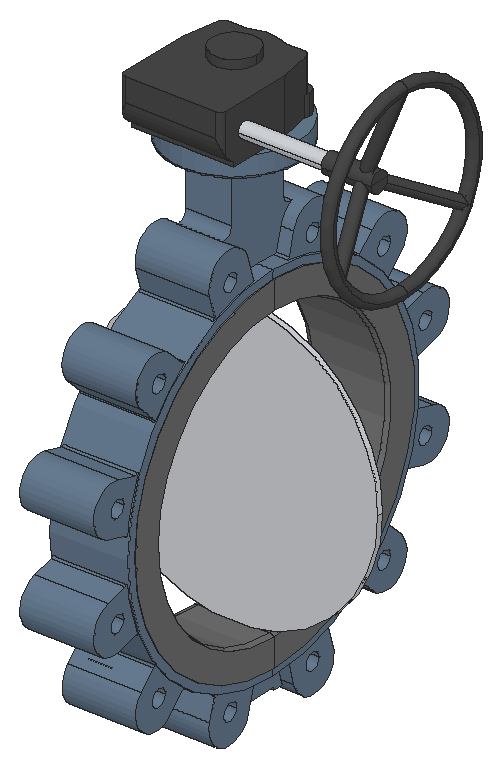
Revit family "Запорно-регулирующая заслонка с ручным редукторным приводом AF-4219", category Rohrzubehör, Revit 2018 (continued)
Dimensions and locks
  "D04": Revolve 6 sketch curve to plane 2  (x2)
  "D02": Revolve 6 sketch curve to plane 2  (x2)
  "L03": plane 3 "Mitte (Links/rechts)" to Revolve 6 sketch curve
  "L02": Revolve 6 sketch curve to plane 3 "Mitte (Links/rechts)"
  "L03": Revolve 6 sketch curve to plane 3 "Mitte (Links/rechts)"
  "L01": plane 3 "Mitte (Links/rechts)" to Revolve 1 sketch curve
  "D02": Revolve 1 sketch curve to plane 2
  "L02": plane 3 "Mitte (Links/rechts)" to Revolve 6 sketch curve
  "D03": plane 2 to Revolve 6 sketch curve
  "L04": Revolve 6 sketch curve to plane 3 "Mitte (Links/rechts)" to Revolve 6 sketch curve
  "L01": curve 2 to plane 3 "Mitte (Links/rechts)" to curve 4
  equal spacing: curve 3, curve 6, curve 1
  equal spacing: curve 2, curve 6, curve 4
  "D01": curve 1 to plane 1 "Mitte (Vorne/hinten)" to curve 3
  "L01": curve 7 to curve 12 to curve 9
  "D01": curve 10 to curve 12 to curve 8
  "R99": radius of Revolve 2 sketch curve
  "D06": radius of Extrusion 7 sketch curve
  radius of curve 6 = 5 mm
  radius of curve 12 = 5 mm
  aligned and locked: level to plane 2
Automatic sketch dimensions
  Extrusion 3 sketch curve to Extrusion 3 sketch curve = 0 mm  (x20)
  Extrusion 3 sketch curve to level = 0 mm
  Extrusion 3 sketch curve to plane 1 "Mitte (Vorne/hinten)" = 0 mm
  plane 1 "Mitte (Vorne/hinten)" to Extrusion 3 sketch curve = 18.495 mm  (x2)
  Extrusion 3 sketch curve to Extrusion 3 sketch curve = 1.414 mm  (x16)
  Extrusion 3 sketch curve to Extrusion 3 sketch curve = 12.265 mm  (x8)
  Extrusion 3 sketch curve to level = 19.909 mm  (x2)
  Extrusion 3 sketch curve to Extrusion 3 sketch curve = 24.042 mm  (x8)
  level to Extrusion 3 sketch curve = 19.909 mm  (x2)
  Extrusion 3 sketch curve to Extrusion 3 sketch curve = 12.021 mm  (x12)
  Extrusion 3 sketch curve to plane 1 "Mitte (Vorne/hinten)" = 18.495 mm  (x2)
  Extrusion 3 sketch curve to Extrusion 3 sketch curve = 0.934 mm  (x4)
  Extrusion 4 sketch curve to level = 0 mm
  Extrusion 4 sketch curve to plane 1 "Mitte (Vorne/hinten)" = 0 mm
  plane 1 "Mitte (Vorne/hinten)" to Extrusion 4 sketch curve = 18.495 mm
  Extrusion 4 sketch curve to Extrusion 4 sketch curve = 1.414 mm  (x4)
  plane 1 "Mitte (Vorne/hinten)" to Extrusion 4 sketch curve = 20 mm
  Extrusion 4 sketch curve to Extrusion 4 sketch curve = 12.265 mm  (x2)
  Extrusion 4 sketch curve to Extrusion 4 sketch curve = 15 mm  (x2)
  Extrusion 4 sketch curve to Extrusion 4 sketch curve = 12.021 mm  (x4)
  Extrusion 4 sketch curve to plane 1 "Mitte (Vorne/hinten)" = 18.495 mm
  Extrusion 4 sketch curve to plane 1 "Mitte (Vorne/hinten)" = 20 mm
  level to Extrusion 4 sketch curve = 43.95 mm
  Extrusion 4 sketch curve to Extrusion 4 sketch curve = 0 mm
  Extrusion 4 sketch curve to Extrusion 4 sketch curve = 0.244 mm  (x2)
  Extrusion 4 sketch curve to Extrusion 4 sketch curve = 18.63 mm  (x2)
  Extrusion 4 sketch curve to Extrusion 4 sketch curve = 0.934 mm
  Extrusion 5 sketch curve to level = 0 mm
  Extrusion 5 sketch curve to plane 1 "Mitte (Vorne/hinten)" = 0 mm
  plane 1 "Mitte (Vorne/hinten)" to Extrusion 5 sketch curve = 15 mm
  Extrusion 5 sketch curve to Extrusion 5 sketch curve = 1.963 mm  (x2)
  Extrusion 5 sketch curve to Extrusion 5 sketch curve = 1.531 mm  (x2)
  Extrusion 5 sketch curve to Extrusion 5 sketch curve = 1.414 mm  (x4)
  Extrusion 5 sketch curve to Extrusion 5 sketch curve = 15.21 mm  (x2)
  Extrusion 5 sketch curve to Extrusion 5 sketch curve = 1.66 mm  (x2)
  Extrusion 5 sketch curve to Extrusion 5 sketch curve = 12.021 mm  (x3)
  Extrusion 5 sketch curve to plane 1 "Mitte (Vorne/hinten)" = 15 mm
  Extrusion 5 sketch curve to Extrusion 5 sketch curve = 1.037 mm  (x2)
  Extrusion 5 sketch curve to Extrusion 5 sketch curve = 1.4 mm  (x2)
  Extrusion 5 sketch curve to Extrusion 5 sketch curve = 1.785 mm  (x2)
  Extrusion 5 sketch curve to Extrusion 5 sketch curve = 12.635 mm  (x2)
  Extrusion 5 sketch curve to Extrusion 5 sketch curve = 0.934 mm
  Extrusion 5 sketch curve to Extrusion 5 sketch curve = 0.788 mm  (x2)
  Extrusion 5 sketch curve to Extrusion 5 sketch curve = 0 mm  (x2)
  Extrusion 4 sketch curve to Extrusion 4 sketch curve = 37.155 mm
  Extrusion 5 sketch curve to level = 43.95 mm
  Extrusion 8 sketch curve to Extrusion 8 sketch curve = 0 mm  (x12)
  Extrusion 8 sketch curve to level = 39.244 mm  (x2)
  plane 1 "Mitte (Vorne/hinten)" to Extrusion 8 sketch curve = 63.286 mm
  level to Extrusion 8 sketch curve = 39.244 mm  (x2)
  Extrusion 8 sketch curve to Extrusion 8 sketch curve = 9.19 mm  (x2)
  level to Extrusion 8 sketch curve = 28.614 mm  (x2)
  Extrusion 8 sketch curve to Extrusion 8 sketch curve = 1.441 mm  (x8)
  Extrusion 8 sketch curve to level = 28.614 mm  (x2)
  Extrusion 8 sketch curve to Extrusion 8 sketch curve = 12.021 mm  (x6)
  level to Extrusion 8 sketch curve = 63.286 mm  (x2)
  Extrusion 8 sketch curve to level = 63.286 mm  (x2)
  level to Extrusion 8 sketch curve = 52.636 mm  (x2)
  Extrusion 8 sketch curve to Extrusion 8 sketch curve = 10.65 mm  (x4)
  Extrusion 8 sketch curve to level = 52.636 mm  (x2)
  Extrusion 8 sketch curve to Extrusion 8 sketch curve = 1.414 mm  (x8)
  level to Extrusion 8 sketch curve = 0.001 mm  (x2)
  Extrusion 8 sketch curve to Extrusion 8 sketch curve = 28.594 mm
  Extrusion 8 sketch curve to level = 0.001 mm  (x2)
  Extrusion 8 sketch curve to Extrusion 8 sketch curve = 0.001 mm  (x2)
  Extrusion 8 sketch curve to Extrusion 8 sketch curve = 54.361 mm  (x2)
  Extrusion 8 sketch curve to Extrusion 8 sketch curve = 1.39 mm  (x2)
  Extrusion 8 sketch curve to Extrusion 8 sketch curve = 10.63 mm  (x2)
  Extrusion 8 sketch curve to Extrusion 8 sketch curve = 1.832 mm  (x2)
  Extrusion 9 sketch curve to Extrusion 9 sketch curve = 0 mm  (x5)
  Extrusion 9 sketch curve to level = 0 mm
  Extrusion 9 sketch curve to level = 51.265 mm
  plane 1 "Mitte (Vorne/hinten)" to Extrusion 9 sketch curve = 51.265 mm
  level to Extrusion 9 sketch curve = 51.265 mm
  Extrusion 9 sketch curve to Extrusion 9 sketch curve = 9.247 mm  (x3)
  Extrusion 9 sketch curve to level = 63.286 mm  (x2)
  Extrusion 9 sketch curve to Extrusion 9 sketch curve = 2.774 mm  (x4)
  level to Extrusion 9 sketch curve = 63.286 mm  (x2)
  Extrusion 9 sketch curve to Extrusion 9 sketch curve = 2.244 mm  (x2)
  Extrusion 9 sketch curve to Extrusion 9 sketch curve = 0.183 mm  (x2)
  level to Extrusion 9 sketch curve = 52.636 mm  (x2)
  Extrusion 9 sketch curve to Extrusion 9 sketch curve = 10.65 mm  (x3)
  Extrusion 9 sketch curve to level = 52.636 mm  (x2)
  Extrusion 9 sketch curve to Extrusion 9 sketch curve = 1.414 mm  (x8)
  Extrusion 9 sketch curve to Extrusion 9 sketch curve = 14.817 mm  (x2)
  Extrusion 9 sketch curve to Extrusion 9 sketch curve = 7.21 mm
  Extrusion 9 sketch curve to Extrusion 9 sketch curve = 1.971 mm
  Extrusion 9 sketch curve to Extrusion 9 sketch curve = 28.595 mm
  Extrusion 9 sketch curve to Extrusion 9 sketch curve = 36 mm
  Extrusion 9 sketch curve to Extrusion 9 sketch curve = 1.997 mm
  Extrusion 9 sketch curve to Extrusion 9 sketch curve = 44 mm
  Extrusion 9 sketch curve to Extrusion 9 sketch curve = 5.181 mm
  Extrusion 9 sketch curve to Extrusion 9 sketch curve = 7.184 mm
  Extrusion 9 sketch curve to Extrusion 9 sketch curve = 12.021 mm  (x2)
  Extrusion 9 sketch curve to Extrusion 9 sketch curve = 14.891 mm
  Extrusion 9 sketch curve to Extrusion 9 sketch curve = 6.473 mm
  Extrusion 9 sketch curve to Extrusion 9 sketch curve = 12.756 mm  (x2)
  Extrusion 9 sketch curve to Extrusion 9 sketch curve = 55.987 mm
  Extrusion 10 sketch curve to Extrusion 10 sketch curve = 0 mm  (x48)
  level to Extrusion 10 sketch curve = 14.909 mm  (x2)
  plane 1 "Mitte (Vorne/hinten)" to Extrusion 10 sketch curve = 80.416 mm
  Extrusion 10 sketch curve to level = 14.909 mm  (x2)
  Extrusion 10 sketch curve to Extrusion 10 sketch curve = 6.506 mm  (x6)
  Extrusion 10 sketch curve to level = 46.321 mm  (x2)
  level to Extrusion 10 sketch curve = 46.321 mm  (x2)
  Extrusion 10 sketch curve to level = 7.243 mm
  Extrusion 10 sketch curve to Extrusion 10 sketch curve = 13.321 mm
  level to Extrusion 10 sketch curve = 7.243 mm
  Extrusion 10 sketch curve to level = 9.076 mm  (x2)
  Extrusion 10 sketch curve to Extrusion 10 sketch curve = 0.759 mm  (x8)
  level to Extrusion 10 sketch curve = 9.076 mm  (x2)
  level to Extrusion 10 sketch curve = 40.487 mm  (x2)
  Extrusion 10 sketch curve to Extrusion 10 sketch curve = 14.082 mm  (x4)
  Extrusion 10 sketch curve to level = 40.487 mm  (x2)
  Extrusion 10 sketch curve to Extrusion 10 sketch curve = 0.758 mm  (x8)
  level to Extrusion 10 sketch curve = 67.405 mm  (x2)
  Extrusion 10 sketch curve to Extrusion 10 sketch curve = 6.243 mm  (x2)
  Extrusion 10 sketch curve to level = 67.405 mm  (x2)
  Extrusion 10 sketch curve to Extrusion 10 sketch curve = 10.245 mm  (x4)
  level to Extrusion 10 sketch curve = 53.322 mm  (x2)
  Extrusion 10 sketch curve to Extrusion 10 sketch curve = 1.831 mm  (x8)
  Extrusion 10 sketch curve to level = 53.322 mm  (x2)
  Extrusion 10 sketch curve to Extrusion 10 sketch curve = 15.706 mm  (x6)
  level to Extrusion 10 sketch curve = 80.416 mm  (x2)
  Extrusion 10 sketch curve to level = 80.416 mm  (x2)
  Extrusion 10 sketch curve to level = 66.335 mm  (x2)
  Extrusion 10 sketch curve to Extrusion 10 sketch curve = 5.832 mm  (x4)
  level to Extrusion 10 sketch curve = 66.335 mm  (x2)
  Extrusion 10 sketch curve to Extrusion 10 sketch curve = 1.833 mm  (x6)
  level to Extrusion 10 sketch curve = 0 mm
  Extrusion 10 sketch curve to Extrusion 10 sketch curve = 14.486 mm  (x2)
  Extrusion 10 sketch curve to Extrusion 10 sketch curve = 9.873 mm  (x2)
  Extrusion 10 sketch curve to Extrusion 10 sketch curve = 5.833 mm  (x2)
  Extrusion 10 sketch curve to Extrusion 10 sketch curve = 13.013 mm
  Extrusion 10 sketch curve to Extrusion 10 sketch curve = 14.081 mm  (x2)
  Extrusion 10 sketch curve to Extrusion 10 sketch curve = 1.973 mm  (x4)
  Extrusion 10 sketch curve to Extrusion 10 sketch curve = 1.544 mm  (x4)
  Extrusion 10 sketch curve to Extrusion 10 sketch curve = 1.243 mm  (x3)
  Extrusion 10 sketch curve to Extrusion 10 sketch curve = 0.211 mm  (x2)
  Extrusion 10 sketch curve to Extrusion 10 sketch curve = 0.002 mm  (x5)
  Extrusion 10 sketch curve to Extrusion 10 sketch curve = 0.213 mm  (x2)
  Extrusion 10 sketch curve to Extrusion 10 sketch curve = 41.076 mm
  Extrusion 10 sketch curve to level = 0 mm
  level to Extrusion 11 sketch curve = 100.814 mm
  plane 1 "Mitte (Vorne/hinten)" to Extrusion 11 sketch curve = 32 mm
  Extrusion 11 sketch curve to Extrusion 11 sketch curve = 1.385 mm
  Extrusion 11 sketch curve to Extrusion 11 sketch curve = 10 mm  (x2)
  Extrusion 11 sketch curve to level = 80.416 mm
  Extrusion 11 sketch curve to Extrusion 11 sketch curve = 15.706 mm  (x3)
  level to Extrusion 11 sketch curve = 80.416 mm  (x2)
  Extrusion 11 sketch curve to Extrusion 11 sketch curve = 1.409 mm
  Extrusion 11 sketch curve to level = 66.335 mm  (x2)
  Extrusion 11 sketch curve to Extrusion 11 sketch curve = 5.832 mm  (x3)
  level to Extrusion 11 sketch curve = 66.335 mm  (x2)
  Extrusion 11 sketch curve to Extrusion 11 sketch curve = 1.833 mm  (x4)
  level to Extrusion 11 sketch curve = 0.554 mm
  Extrusion 11 sketch curve to Extrusion 11 sketch curve = 9.076 mm
  Extrusion 11 sketch curve to level = 0.554 mm
  Extrusion 11 sketch curve to Extrusion 11 sketch curve = 0 mm  (x3)
  Extrusion 11 sketch curve to Extrusion 11 sketch curve = 14.486 mm  (x2)
  Extrusion 11 sketch curve to Extrusion 11 sketch curve = 44 mm
  Extrusion 11 sketch curve to Extrusion 11 sketch curve = 0.759 mm  (x4)
  Extrusion 11 sketch curve to Extrusion 11 sketch curve = 6.506 mm
  Extrusion 11 sketch curve to Extrusion 11 sketch curve = 42.686 mm
  Extrusion 11 sketch curve to level = 80.371 mm
  Extrusion 11 sketch curve to Extrusion 11 sketch curve = 1.39 mm
  Extrusion 11 sketch curve to Extrusion 11 sketch curve = 27 mm
  Extrusion 12 sketch curve to Extrusion 12 sketch curve = 0 mm  (x40)
  Extrusion 12 sketch curve to level = 0 mm
  level to Extrusion 12 sketch curve = 18.736 mm  (x2)
  plane 1 "Mitte (Vorne/hinten)" to Extrusion 12 sketch curve = 89.655 mm
  Extrusion 12 sketch curve to level = 18.736 mm  (x2)
  Extrusion 12 sketch curve to Extrusion 12 sketch curve = 6.506 mm  (x6)
  Extrusion 12 sketch curve to level = 50.147 mm  (x2)
  level to Extrusion 12 sketch curve = 50.147 mm  (x2)
  Extrusion 12 sketch curve to Extrusion 12 sketch curve = 13.415 mm  (x2)
  Extrusion 12 sketch curve to level = 12.858 mm  (x2)
  Extrusion 12 sketch curve to Extrusion 12 sketch curve = 0.776 mm  (x8)
  level to Extrusion 12 sketch curve = 12.858 mm  (x2)
  Extrusion 12 sketch curve to level = 44.269 mm  (x2)
  Extrusion 12 sketch curve to Extrusion 12 sketch curve = 14.192 mm  (x4)
  level to Extrusion 12 sketch curve = 44.269 mm  (x2)
  Extrusion 12 sketch curve to Extrusion 12 sketch curve = 0.775 mm  (x8)
  level to Extrusion 12 sketch curve = 76.644 mm  (x2)
  Extrusion 12 sketch curve to Extrusion 12 sketch curve = 11.529 mm  (x2)
  Extrusion 12 sketch curve to level = 76.644 mm  (x2)
  Extrusion 12 sketch curve to Extrusion 12 sketch curve = 4.008 mm  (x2)
  level to Extrusion 12 sketch curve = 62.451 mm  (x2)
  Extrusion 12 sketch curve to Extrusion 12 sketch curve = 1.871 mm  (x8)
  Extrusion 12 sketch curve to level = 62.451 mm  (x2)
  Extrusion 12 sketch curve to Extrusion 12 sketch curve = 15.706 mm  (x6)
  level to Extrusion 12 sketch curve = 89.655 mm  (x2)
  Extrusion 12 sketch curve to level = 89.655 mm  (x2)
  Extrusion 12 sketch curve to level = 75.464 mm  (x2)
  Extrusion 12 sketch curve to Extrusion 12 sketch curve = 5.878 mm  (x4)
  level to Extrusion 12 sketch curve = 75.464 mm  (x2)
  Extrusion 12 sketch curve to Extrusion 12 sketch curve = 1.873 mm  (x8)
  Extrusion 12 sketch curve to Extrusion 12 sketch curve = 21.969 mm  (x2)
  Extrusion 12 sketch curve to Extrusion 12 sketch curve = 9.827 mm  (x2)
  Extrusion 12 sketch curve to Extrusion 12 sketch curve = 5.879 mm  (x2)
  Extrusion 12 sketch curve to Extrusion 12 sketch curve = 15.537 mm  (x2)
  Extrusion 12 sketch curve to Extrusion 12 sketch curve = 13.013 mm
  Extrusion 12 sketch curve to Extrusion 12 sketch curve = 14.19 mm  (x2)
  Extrusion 12 sketch curve to Extrusion 12 sketch curve = 44.269 mm
  Extrusion 13 sketch curve to Extrusion 13 sketch curve = 0 mm  (x5)
  Extrusion 13 sketch curve to level = 0 mm
  level to Extrusion 13 sketch curve = 114.47 mm
  plane 1 "Mitte (Vorne/hinten)" to Extrusion 13 sketch curve = 41 mm
  Extrusion 13 sketch curve to level = 83.149 mm
  Extrusion 13 sketch curve to Extrusion 13 sketch curve = 6.558 mm  (x2)
  Extrusion 13 sketch curve to Extrusion 13 sketch curve = 15 mm  (x2)
  level to Extrusion 13 sketch curve = 89.655 mm  (x2)
  Extrusion 13 sketch curve to Extrusion 13 sketch curve = 15.706 mm  (x2)
  Extrusion 13 sketch curve to Extrusion 13 sketch curve = 5.236 mm  (x2)
  level to Extrusion 13 sketch curve = 75.464 mm  (x2)
  Extrusion 13 sketch curve to Extrusion 13 sketch curve = 5.878 mm  (x3)
  Extrusion 13 sketch curve to level = 75.464 mm  (x2)
  Extrusion 13 sketch curve to Extrusion 13 sketch curve = 1.873 mm  (x4)
  Extrusion 13 sketch curve to Extrusion 13 sketch curve = 12.858 mm
  Extrusion 13 sketch curve to Extrusion 13 sketch curve = 21.969 mm
  Extrusion 13 sketch curve to Extrusion 13 sketch curve = 3.345 mm
  Extrusion 13 sketch curve to Extrusion 13 sketch curve = 3 mm  (x2)
  Extrusion 13 sketch curve to Extrusion 13 sketch curve = 6.506 mm  (x3)
  Extrusion 13 sketch curve to Extrusion 13 sketch curve = 0.776 mm  (x4)
  Extrusion 13 sketch curve to Extrusion 13 sketch curve = 31.321 mm
  Extrusion 13 sketch curve to Extrusion 13 sketch curve = 52.53 mm
  Extrusion 13 sketch curve to Extrusion 13 sketch curve = 11.129 mm  (x2)
  Extrusion 13 sketch curve to Extrusion 13 sketch curve = 9.812 mm  (x2)
  Extrusion 13 sketch curve to Extrusion 13 sketch curve = 3.078 mm
  Extrusion 13 sketch curve to Extrusion 13 sketch curve = 21.68 mm
  Extrusion 13 sketch curve to Extrusion 13 sketch curve = 2.515 mm
  Extrusion 13 sketch curve to Extrusion 13 sketch curve = 52 mm
  Extrusion 14 sketch curve to Extrusion 14 sketch curve = 0 mm  (x22)
  Extrusion 14 sketch curve to level = 24.476 mm  (x2)
  plane 1 "Mitte (Vorne/hinten)" to Extrusion 14 sketch curve = 103.513 mm
  level to Extrusion 14 sketch curve = 24.476 mm  (x2)
  Extrusion 14 sketch curve to Extrusion 14 sketch curve = 6.506 mm  (x6)
  Extrusion 14 sketch curve to Extrusion 14 sketch curve = 11.623 mm  (x2)
  Extrusion 14 sketch curve to level = 19.351 mm  (x2)
  Extrusion 14 sketch curve to Extrusion 14 sketch curve = 0.749 mm  (x8)
  level to Extrusion 14 sketch curve = 19.351 mm  (x2)
  Extrusion 14 sketch curve to level = 55.888 mm  (x2)
  level to Extrusion 14 sketch curve = 55.888 mm  (x2)
  Extrusion 14 sketch curve to level = 50.783 mm  (x2)
  Extrusion 14 sketch curve to Extrusion 14 sketch curve = 12.323 mm  (x4)
  level to Extrusion 14 sketch curve = 50.783 mm  (x2)
  Extrusion 14 sketch curve to Extrusion 14 sketch curve = 0.774 mm  (x8)
  level to Extrusion 14 sketch curve = 90.502 mm  (x2)
  Extrusion 14 sketch curve to Extrusion 14 sketch curve = 21.517 mm  (x2)
  Extrusion 14 sketch curve to level = 90.502 mm  (x2)
  Extrusion 14 sketch curve to Extrusion 14 sketch curve = 3.235 mm  (x2)
  Extrusion 14 sketch curve to level = 78.179 mm  (x2)
  Extrusion 14 sketch curve to Extrusion 14 sketch curve = 1.869 mm  (x8)
  level to Extrusion 14 sketch curve = 78.179 mm  (x2)
  Extrusion 14 sketch curve to Extrusion 14 sketch curve = 15.706 mm  (x6)
  level to Extrusion 14 sketch curve = 103.513 mm  (x2)
  Extrusion 14 sketch curve to level = 103.513 mm  (x2)
  level to Extrusion 14 sketch curve = 91.141 mm  (x2)
  Extrusion 14 sketch curve to Extrusion 14 sketch curve = 5.125 mm  (x4)
  Extrusion 14 sketch curve to level = 91.141 mm  (x2)
  Extrusion 14 sketch curve to Extrusion 14 sketch curve = 1.809 mm  (x8)
  Extrusion 14 sketch curve to level = 0.103 mm  (x2)
  Extrusion 14 sketch curve to Extrusion 14 sketch curve = 90.896 mm
  level to Extrusion 14 sketch curve = 0.103 mm  (x2)
  Extrusion 14 sketch curve to Extrusion 14 sketch curve = 0.142 mm  (x7)
  Extrusion 14 sketch curve to Extrusion 14 sketch curve = 0.207 mm  (x2)
  Extrusion 14 sketch curve to Extrusion 14 sketch curve = 35.084 mm  (x2)
  Extrusion 14 sketch curve to Extrusion 14 sketch curve = 10.601 mm  (x2)
  Extrusion 14 sketch curve to Extrusion 14 sketch curve = 5.104 mm  (x2)
  Extrusion 14 sketch curve to Extrusion 14 sketch curve = 24.752 mm  (x2)
  Extrusion 14 sketch curve to Extrusion 14 sketch curve = 12.962 mm  (x2)
  Extrusion 14 sketch curve to Extrusion 14 sketch curve = 12.372 mm  (x2)
  Extrusion 14 sketch curve to level = 0.245 mm
  Extrusion 14 sketch curve to Extrusion 14 sketch curve = 1.933 mm  (x2)
  Extrusion 14 sketch curve to Extrusion 14 sketch curve = 0.314 mm  (x2)
  level to Extrusion 15 sketch curve = 97.007 mm
  plane 1 "Mitte (Vorne/hinten)" to Extrusion 15 sketch curve = 40.182 mm
  Extrusion 15 sketch curve to level = 97.007 mm
  Extrusion 15 sketch curve to Extrusion 15 sketch curve = 0 mm  (x7)
  Extrusion 15 sketch curve to Extrusion 15 sketch curve = 4.132 mm
  Extrusion 15 sketch curve to Extrusion 15 sketch curve = 10.048 mm  (x2)
  Extrusion 15 sketch curve to Extrusion 15 sketch curve = 15.706 mm  (x3)
  level to Extrusion 15 sketch curve = 103.513 mm  (x2)
  level to Extrusion 15 sketch curve = 91.141 mm  (x2)
  Extrusion 15 sketch curve to Extrusion 15 sketch curve = 5.125 mm  (x3)
  Extrusion 15 sketch curve to level = 91.141 mm  (x2)
  Extrusion 15 sketch curve to Extrusion 15 sketch curve = 1.809 mm  (x4)
  Extrusion 15 sketch curve to Extrusion 15 sketch curve = 10.974 mm  (x2)
  Extrusion 15 sketch curve to level = 0.111 mm
  Extrusion 15 sketch curve to Extrusion 15 sketch curve = 19.35 mm
  level to Extrusion 15 sketch curve = 0.111 mm
  Extrusion 15 sketch curve to Extrusion 15 sketch curve = 35.081 mm
  Extrusion 15 sketch curve to Extrusion 15 sketch curve = 4.041 mm
  Extrusion 15 sketch curve to level = 103.513 mm
  Extrusion 15 sketch curve to Extrusion 15 sketch curve = 9.998 mm  (x2)
  Extrusion 15 sketch curve to Extrusion 15 sketch curve = 3 mm
  Extrusion 15 sketch curve to Extrusion 15 sketch curve = 6.505 mm  (x2)
  Extrusion 15 sketch curve to Extrusion 15 sketch curve = 0.749 mm  (x4)
  Extrusion 15 sketch curve to Extrusion 15 sketch curve = 20.176 mm  (x2)
  Extrusion 15 sketch curve to Extrusion 15 sketch curve = 62.311 mm
  Extrusion 15 sketch curve to Extrusion 15 sketch curve = 0.048 mm
  Extrusion 15 sketch curve to Extrusion 15 sketch curve = 11.626 mm  (x2)
  Extrusion 15 sketch curve to Extrusion 15 sketch curve = 27 mm
  Extrusion 15 sketch curve to Extrusion 15 sketch curve = 52 mm
  Extrusion 16 sketch curve to Extrusion 16 sketch curve = 0 mm  (x23)
  Extrusion 16 sketch curve to level = 26.521 mm  (x2)
  plane 1 "Mitte (Vorne/hinten)" to Extrusion 16 sketch curve = 118.902 mm
  level to Extrusion 16 sketch curve = 26.521 mm  (x2)
  Extrusion 16 sketch curve to Extrusion 16 sketch curve = 8.036 mm  (x6)
  Extrusion 16 sketch curve to Extrusion 16 sketch curve = 15.875 mm  (x2)
  level to Extrusion 16 sketch curve = 65.323 mm  (x2)
  Extrusion 16 sketch curve to level = 65.323 mm  (x2)
  level to Extrusion 16 sketch curve = 19.621 mm  (x2)
  Extrusion 16 sketch curve to Extrusion 16 sketch curve = 0.782 mm  (x8)
  Extrusion 16 sketch curve to level = 19.621 mm  (x2)
  Extrusion 16 sketch curve to level = 58.409 mm  (x2)
  Extrusion 16 sketch curve to Extrusion 16 sketch curve = 16.693 mm  (x4)
  level to Extrusion 16 sketch curve = 58.409 mm  (x2)
  Extrusion 16 sketch curve to Extrusion 16 sketch curve = 0.763 mm  (x8)
  Extrusion 16 sketch curve to level = 102.829 mm  (x2)
  Extrusion 16 sketch curve to Extrusion 16 sketch curve = 20.05 mm  (x2)
  level to Extrusion 16 sketch curve = 102.829 mm  (x2)
  Extrusion 16 sketch curve to Extrusion 16 sketch curve = 5.074 mm  (x2)
  level to Extrusion 16 sketch curve = 86.136 mm  (x2)
  Extrusion 16 sketch curve to Extrusion 16 sketch curve = 1.841 mm  (x8)
  Extrusion 16 sketch curve to level = 86.136 mm  (x2)
  Extrusion 16 sketch curve to Extrusion 16 sketch curve = 19.401 mm  (x6)
  level to Extrusion 16 sketch curve = 118.902 mm  (x2)
  Extrusion 16 sketch curve to level = 118.902 mm  (x2)
  level to Extrusion 16 sketch curve = 102.246 mm  (x2)
  Extrusion 16 sketch curve to Extrusion 16 sketch curve = 6.899 mm  (x4)
  Extrusion 16 sketch curve to level = 102.246 mm  (x2)
  Extrusion 16 sketch curve to Extrusion 16 sketch curve = 1.887 mm  (x8)
  level to Extrusion 16 sketch curve = 0.002 mm  (x2)
  Extrusion 16 sketch curve to Extrusion 16 sketch curve = 86.133 mm
  Extrusion 16 sketch curve to level = 0.002 mm
  Extrusion 16 sketch curve to Extrusion 16 sketch curve = 0.001 mm  (x8)
  Extrusion 16 sketch curve to Extrusion 16 sketch curve = 35.469 mm  (x2)
  Extrusion 16 sketch curve to Extrusion 16 sketch curve = 12.487 mm  (x2)
  Extrusion 16 sketch curve to Extrusion 16 sketch curve = 6.914 mm  (x2)
  Extrusion 16 sketch curve to Extrusion 16 sketch curve = 25.124 mm  (x2)
  Extrusion 16 sketch curve to Extrusion 16 sketch curve = 16.11 mm
  Extrusion 16 sketch curve to Extrusion 16 sketch curve = 16.656 mm  (x2)
  Extrusion 16 sketch curve to level = 0.003 mm
  Extrusion 16 sketch curve to Extrusion 16 sketch curve = 2.019 mm  (x2)
  Extrusion 16 sketch curve to Extrusion 16 sketch curve = 0.309 mm  (x2)
  Extrusion 16 sketch curve to Extrusion 16 sketch curve = 0.004 mm  (x2)
  Extrusion 17 sketch curve to Extrusion 17 sketch curve = 0 mm  (x7)
  Extrusion 17 sketch curve to level = 0 mm
  Extrusion 17 sketch curve to plane 1 "Mitte (Vorne/hinten)" = 0 mm
  plane 1 "Mitte (Vorne/hinten)" to Extrusion 17 sketch curve = 13.5 mm
  plane 1 "Mitte (Vorne/hinten)" to Extrusion 17 sketch curve = 17.734 mm  (x2)
  Extrusion 17 sketch curve to Extrusion 17 sketch curve = 1.887 mm  (x4)
  plane 1 "Mitte (Vorne/hinten)" to Extrusion 17 sketch curve = 26 mm
  Extrusion 17 sketch curve to Extrusion 17 sketch curve = 0.521 mm
  Extrusion 17 sketch curve to Extrusion 17 sketch curve = 13.021 mm  (x2)
  Extrusion 17 sketch curve to Extrusion 17 sketch curve = 4.341 mm  (x2)
  Extrusion 17 sketch curve to Extrusion 17 sketch curve = 10 mm  (x2)
  Extrusion 17 sketch curve to Extrusion 17 sketch curve = 19.401 mm  (x4)
  Extrusion 17 sketch curve to plane 1 "Mitte (Vorne/hinten)" = 13.5 mm
  Extrusion 17 sketch curve to plane 1 "Mitte (Vorne/hinten)" = 17.734 mm  (x2)
  Extrusion 17 sketch curve to Extrusion 17 sketch curve = 6.899 mm
  Extrusion 17 sketch curve to level = 102.246 mm
  Extrusion 17 sketch curve to Extrusion 17 sketch curve = 0.782 mm  (x4)
  Extrusion 17 sketch curve to Extrusion 17 sketch curve = 8.62 mm  (x4)
  Extrusion 17 sketch curve to Extrusion 17 sketch curve = 16.656 mm  (x4)
  Extrusion 17 sketch curve to Extrusion 17 sketch curve = 3 mm
  level to Extrusion 17 sketch curve = 102.246 mm
  Extrusion 17 sketch curve to Extrusion 17 sketch curve = 16.098 mm  (x2)
  Extrusion 17 sketch curve to Extrusion 17 sketch curve = 64 mm
  Extrusion 17 sketch curve to Extrusion 17 sketch curve = 4.938 mm
  Extrusion 18 sketch curve to Extrusion 18 sketch curve = 0 mm  (x62)
  Extrusion 18 sketch curve to level = 0 mm
  Extrusion 18 sketch curve to level = 17.891 mm  (x2)
  plane 1 "Mitte (Vorne/hinten)" to Extrusion 18 sketch curve = 147.909 mm
  level to Extrusion 18 sketch curve = 17.891 mm  (x2)
  Extrusion 18 sketch curve to Extrusion 18 sketch curve = 5.435 mm  (x6)
  Extrusion 18 sketch curve to level = 58.46 mm  (x2)
  level to Extrusion 18 sketch curve = 58.46 mm  (x2)
  Extrusion 18 sketch curve to Extrusion 18 sketch curve = 15.462 mm  (x2)
  level to Extrusion 18 sketch curve = 13.612 mm  (x2)
  Extrusion 18 sketch curve to Extrusion 18 sketch curve = 0.509 mm  (x8)
  Extrusion 18 sketch curve to level = 13.612 mm  (x2)
  Extrusion 18 sketch curve to level = 54.199 mm  (x2)
  Extrusion 18 sketch curve to Extrusion 18 sketch curve = 15.903 mm  (x4)
  level to Extrusion 18 sketch curve = 54.199 mm  (x2)
  Extrusion 18 sketch curve to Extrusion 18 sketch curve = 0.53 mm  (x8)
  Extrusion 18 sketch curve to level = 89.449 mm  (x2)
  Extrusion 18 sketch curve to Extrusion 18 sketch curve = 1.459 mm  (x2)
  level to Extrusion 18 sketch curve = 89.449 mm  (x2)
  Extrusion 18 sketch curve to Extrusion 18 sketch curve = 10.302 mm  (x2)
  Extrusion 18 sketch curve to level = 77.758 mm  (x2)
  Extrusion 18 sketch curve to Extrusion 18 sketch curve = 1.389 mm  (x8)
  level to Extrusion 18 sketch curve = 77.758 mm  (x2)
  Extrusion 18 sketch curve to Extrusion 18 sketch curve = 14.849 mm  (x6)
  Extrusion 18 sketch curve to level = 119.147 mm  (x2)
  level to Extrusion 18 sketch curve = 119.147 mm  (x2)
  level to Extrusion 18 sketch curve = 107.506 mm  (x2)
  Extrusion 18 sketch curve to Extrusion 18 sketch curve = 11.642 mm  (x4)
  Extrusion 18 sketch curve to level = 107.506 mm  (x2)
  Extrusion 18 sketch curve to Extrusion 18 sketch curve = 1.448 mm  (x8)
  level to Extrusion 18 sketch curve = 137.039 mm  (x2)
  Extrusion 18 sketch curve to Extrusion 18 sketch curve = 17.899 mm  (x2)
  Extrusion 18 sketch curve to level = 137.039 mm  (x2)
  Extrusion 18 sketch curve to Extrusion 18 sketch curve = 2.283 mm  (x2)
  Extrusion 18 sketch curve to level = 121.136 mm  (x2)
  Extrusion 18 sketch curve to Extrusion 18 sketch curve = 1.978 mm  (x8)
  level to Extrusion 18 sketch curve = 121.136 mm  (x2)
  Extrusion 18 sketch curve to Extrusion 18 sketch curve = 20.284 mm  (x6)
  Extrusion 18 sketch curve to level = 147.909 mm  (x2)
  level to Extrusion 18 sketch curve = 147.909 mm  (x2)
  level to Extrusion 18 sketch curve = 131.939 mm  (x2)
  Extrusion 18 sketch curve to Extrusion 18 sketch curve = 4.279 mm  (x4)
  Extrusion 18 sketch curve to level = 131.939 mm  (x2)
  Extrusion 18 sketch curve to Extrusion 18 sketch curve = 1.898 mm  (x8)
  Extrusion 18 sketch curve to Extrusion 18 sketch curve = 13.612 mm
  Extrusion 18 sketch curve to Extrusion 18 sketch curve = 23.429 mm  (x2)
  Extrusion 18 sketch curve to Extrusion 18 sketch curve = 16.023 mm  (x2)
  Extrusion 18 sketch curve to Extrusion 18 sketch curve = 4.261 mm  (x2)
  Extrusion 18 sketch curve to Extrusion 18 sketch curve = 20.183 mm  (x2)
  Extrusion 18 sketch curve to Extrusion 18 sketch curve = 3.158 mm  (x2)
  Extrusion 18 sketch curve to Extrusion 18 sketch curve = 11.691 mm  (x2)
  Extrusion 18 sketch curve to Extrusion 18 sketch curve = 11.76 mm  (x2)
  Extrusion 18 sketch curve to Extrusion 18 sketch curve = 10.803 mm
  Extrusion 18 sketch curve to Extrusion 18 sketch curve = 15.97 mm  (x2)
  Extrusion 19 sketch curve to Extrusion 19 sketch curve = 0 mm  (x5)
  Extrusion 19 sketch curve to level = 0 mm
  Extrusion 19 sketch curve to level = 142.474 mm
  plane 1 "Mitte (Vorne/hinten)" to Extrusion 19 sketch curve = 38.176 mm
  level to Extrusion 19 sketch curve = 142.474 mm
  Extrusion 19 sketch curve to Extrusion 19 sketch curve = 8.163 mm
  Extrusion 19 sketch curve to Extrusion 19 sketch curve = 2.013 mm  (x2)
  Extrusion 19 sketch curve to level = 147.909 mm
  Extrusion 19 sketch curve to Extrusion 19 sketch curve = 20.284 mm  (x3)
  level to Extrusion 19 sketch curve = 147.909 mm  (x2)
  Extrusion 19 sketch curve to Extrusion 19 sketch curve = 10.109 mm
  Extrusion 19 sketch curve to level = 131.939 mm  (x2)
  Extrusion 19 sketch curve to Extrusion 19 sketch curve = 4.279 mm  (x4)
  level to Extrusion 19 sketch curve = 131.939 mm  (x2)
  Extrusion 19 sketch curve to Extrusion 19 sketch curve = 1.898 mm  (x4)
  Extrusion 19 sketch curve to Extrusion 19 sketch curve = 13.612 mm
  Extrusion 19 sketch curve to Extrusion 19 sketch curve = 23.429 mm  (x2)
  Extrusion 19 sketch curve to Extrusion 19 sketch curve = 56 mm
  Extrusion 19 sketch curve to Extrusion 19 sketch curve = 5.435 mm  (x2)
  Extrusion 19 sketch curve to Extrusion 19 sketch curve = 0.509 mm  (x4)
  Extrusion 19 sketch curve to Extrusion 19 sketch curve = 16.081 mm  (x2)
  Extrusion 19 sketch curve to Extrusion 19 sketch curve = 66.01 mm
  Extrusion 19 sketch curve to Extrusion 19 sketch curve = 1.832 mm  (x2)
  Extrusion 19 sketch curve to Extrusion 19 sketch curve = 0.173 mm
  Extrusion 20 sketch curve to level = 22.097 mm  (x2)
  plane 1 "Mitte (Vorne/hinten)" to Extrusion 20 sketch curve = 177.618 mm
  level to Extrusion 20 sketch curve = 22.097 mm  (x2)
  Extrusion 20 sketch curve to Extrusion 20 sketch curve = 0 mm  (x17)
  Extrusion 20 sketch curve to Extrusion 20 sketch curve = 6.47 mm  (x4)
  Extrusion 20 sketch curve to Extrusion 20 sketch curve = 2.415 mm  (x8)
  level to Extrusion 20 sketch curve = 70.393 mm  (x2)
  Extrusion 20 sketch curve to level = 70.393 mm  (x2)
  Extrusion 20 sketch curve to Extrusion 20 sketch curve = 18.556 mm  (x2)
  Extrusion 20 sketch curve to level = 16.983 mm  (x2)
  Extrusion 20 sketch curve to Extrusion 20 sketch curve = 0.529 mm  (x16)
  level to Extrusion 20 sketch curve = 16.983 mm  (x2)
  level to Extrusion 20 sketch curve = 65.28 mm  (x2)
  Extrusion 20 sketch curve to Extrusion 20 sketch curve = 19.085 mm  (x6)
  Extrusion 20 sketch curve to level = 65.28 mm  (x2)
  Extrusion 20 sketch curve to level = 107.956 mm  (x2)
  Extrusion 20 sketch curve to Extrusion 20 sketch curve = 2.085 mm  (x2)
  level to Extrusion 20 sketch curve = 107.956 mm  (x2)
  Extrusion 20 sketch curve to Extrusion 20 sketch curve = 12.527 mm  (x2)
  level to Extrusion 20 sketch curve = 93.984 mm  (x2)
  Extrusion 20 sketch curve to Extrusion 20 sketch curve = 1.445 mm  (x16)
  Extrusion 20 sketch curve to level = 93.984 mm  (x2)
  Extrusion 20 sketch curve to Extrusion 20 sketch curve = 17.678 mm  (x4)
  Extrusion 20 sketch curve to Extrusion 20 sketch curve = 1.768 mm  (x8)
  level to Extrusion 20 sketch curve = 143.311 mm  (x2)
  Extrusion 20 sketch curve to level = 143.311 mm  (x2)
  Extrusion 20 sketch curve to level = 129.34 mm  (x2)
  Extrusion 20 sketch curve to Extrusion 20 sketch curve = 13.971 mm  (x6)
  level to Extrusion 20 sketch curve = 129.34 mm  (x2)
  level to Extrusion 20 sketch curve = 164.981 mm  (x2)
  Extrusion 20 sketch curve to Extrusion 20 sketch curve = 22.118 mm  (x2)
  Extrusion 20 sketch curve to level = 164.981 mm  (x2)
  Extrusion 20 sketch curve to Extrusion 20 sketch curve = 3.14 mm  (x2)
  level to Extrusion 20 sketch curve = 145.897 mm  (x2)
  Extrusion 20 sketch curve to Extrusion 20 sketch curve = 1.974 mm  (x8)
  Extrusion 20 sketch curve to level = 145.897 mm  (x2)
  Extrusion 20 sketch curve to Extrusion 20 sketch curve = 24.148 mm  (x4)
  Extrusion 20 sketch curve to Extrusion 20 sketch curve = 0.647 mm  (x8)
  level to Extrusion 20 sketch curve = 177.922 mm  (x2)
  Extrusion 20 sketch curve to level = 177.922 mm  (x2)
  level to Extrusion 20 sketch curve = 158.837 mm  (x2)
  Extrusion 20 sketch curve to Extrusion 20 sketch curve = 5.114 mm  (x6)
  Extrusion 20 sketch curve to level = 158.837 mm  (x2)
  Extrusion 20 sketch curve to Extrusion 20 sketch curve = 1.973 mm  (x8)
  Extrusion 20 sketch curve to level = 0.226 mm  (x2)
  Extrusion 20 sketch curve to Extrusion 20 sketch curve = 158.098 mm
  level to Extrusion 20 sketch curve = 0.226 mm
  level to Extrusion 20 sketch curve = 0.072 mm
  Extrusion 20 sketch curve to Extrusion 20 sketch curve = 0.128 mm  (x3)
  Extrusion 20 sketch curve to level = 0.072 mm
  Extrusion 20 sketch curve to Extrusion 20 sketch curve = 0.061 mm  (x4)
  Extrusion 20 sketch curve to level = 0.036 mm  (x2)
  Extrusion 20 sketch curve to Extrusion 20 sketch curve = 0.324 mm
  Extrusion 20 sketch curve to Extrusion 20 sketch curve = 29.244 mm  (x2)
  Extrusion 20 sketch curve to Extrusion 20 sketch curve = 23.501 mm  (x2)
  Extrusion 20 sketch curve to Extrusion 20 sketch curve = 19.681 mm  (x2)
  Extrusion 20 sketch curve to Extrusion 20 sketch curve = 25.258 mm  (x2)
  Extrusion 20 sketch curve to Extrusion 20 sketch curve = 15.91 mm  (x2)
  Extrusion 20 sketch curve to Extrusion 20 sketch curve = 5.474 mm  (x2)
  Extrusion 20 sketch curve to Extrusion 20 sketch curve = 14.612 mm  (x2)
  Extrusion 20 sketch curve to Extrusion 20 sketch curve = 12.94 mm
  Extrusion 20 sketch curve to Extrusion 20 sketch curve = 4.056 mm  (x2)
  Extrusion 20 sketch curve to Extrusion 20 sketch curve = 0.035 mm  (x2)
  level to Extrusion 20 sketch curve = 0.036 mm  (x2)
  Extrusion 20 sketch curve to Extrusion 20 sketch curve = 0.154 mm
  Extrusion 20 sketch curve to Extrusion 20 sketch curve = 2.037 mm  (x4)
  Extrusion 20 sketch curve to Extrusion 20 sketch curve = 1.856 mm  (x4)
  Extrusion 20 sketch curve to Extrusion 20 sketch curve = 1.841 mm  (x4)
  Extrusion 20 sketch curve to Extrusion 20 sketch curve = 1.179 mm  (x4)
  Extrusion 20 sketch curve to Extrusion 20 sketch curve = 0.856 mm  (x4)
  Extrusion 20 sketch curve to Extrusion 20 sketch curve = 0.153 mm  (x4)
  level to Extrusion 21 sketch curve = 171.452 mm
  plane 1 "Mitte (Vorne/hinten)" to Extrusion 21 sketch curve = 45.94 mm
  Extrusion 21 sketch curve to level = 171.452 mm
  Extrusion 21 sketch curve to Extrusion 21 sketch curve = 0 mm  (x2)
  Extrusion 21 sketch curve to Extrusion 21 sketch curve = 6.907 mm
  Extrusion 21 sketch curve to Extrusion 21 sketch curve = 11.901 mm
  Extrusion 21 sketch curve to Extrusion 21 sketch curve = 1.957 mm  (x2)
  Extrusion 21 sketch curve to level = 177.922 mm  (x2)
  Extrusion 21 sketch curve to Extrusion 21 sketch curve = 17.241 mm
  level to Extrusion 21 sketch curve = 177.922 mm  (x2)
  Extrusion 21 sketch curve to Extrusion 21 sketch curve = 10.291 mm  (x2)
  Extrusion 21 sketch curve to Extrusion 21 sketch curve = 0.709 mm  (x2)
  level to Extrusion 21 sketch curve = 158.808 mm  (x2)
  Extrusion 21 sketch curve to Extrusion 21 sketch curve = 5.122 mm  (x3)
  Extrusion 21 sketch curve to level = 158.808 mm  (x2)
  Extrusion 21 sketch curve to Extrusion 21 sketch curve = 1.932 mm  (x4)
  level to Extrusion 21 sketch curve = 0.021 mm
  Extrusion 21 sketch curve to Extrusion 21 sketch curve = 16.588 mm
  Extrusion 21 sketch curve to Extrusion 21 sketch curve = 29.311 mm  (x2)
  Extrusion 21 sketch curve to Extrusion 21 sketch curve = 24.148 mm
  Extrusion 21 sketch curve to Extrusion 21 sketch curve = 17.557 mm
  Extrusion 21 sketch curve to Extrusion 21 sketch curve = 3 mm
  Extrusion 21 sketch curve to Extrusion 21 sketch curve = 6.47 mm  (x2)
  Extrusion 21 sketch curve to Extrusion 21 sketch curve = 0.518 mm  (x4)
  Extrusion 21 sketch curve to level = 0.021 mm
  Extrusion 21 sketch curve to Extrusion 21 sketch curve = 17.717 mm  (x2)
  Extrusion 21 sketch curve to Extrusion 21 sketch curve = 67.361 mm
  Extrusion 21 sketch curve to Extrusion 21 sketch curve = 0.12 mm  (x2)
  Extrusion 21 sketch curve to Extrusion 21 sketch curve = 17.951 mm
  Extrusion 21 sketch curve to Extrusion 21 sketch curve = 6.344 mm
  level to Extrusion 22 sketch curve = 28.91 mm  (x2)
  plane 1 "Mitte (Vorne/hinten)" to Extrusion 22 sketch curve = 204.485 mm
  Extrusion 22 sketch curve to level = 28.91 mm  (x2)
  Extrusion 22 sketch curve to Extrusion 22 sketch curve = 0 mm  (x9)
  Extrusion 22 sketch curve to Extrusion 22 sketch curve = 6.47 mm  (x4)
  Extrusion 22 sketch curve to Extrusion 22 sketch curve = 4.83 mm  (x8)
  Extrusion 22 sketch curve to level = 77.206 mm  (x2)
  level to Extrusion 22 sketch curve = 77.206 mm  (x2)
  Extrusion 22 sketch curve to Extrusion 22 sketch curve = 20.758 mm  (x2)
  level to Extrusion 22 sketch curve = 23.212 mm  (x2)
  Extrusion 22 sketch curve to Extrusion 22 sketch curve = 0.507 mm  (x8)
  Extrusion 22 sketch curve to level = 23.212 mm  (x2)
  Extrusion 22 sketch curve to level = 71.52 mm  (x2)
  Extrusion 22 sketch curve to Extrusion 22 sketch curve = 21.221 mm  (x4)
  level to Extrusion 22 sketch curve = 71.52 mm  (x2)
  Extrusion 22 sketch curve to Extrusion 22 sketch curve = 0.521 mm  (x8)
  level to Extrusion 22 sketch curve = 127.279 mm  (x2)
  Extrusion 22 sketch curve to Extrusion 22 sketch curve = 7.168 mm  (x2)
  Extrusion 22 sketch curve to level = 127.279 mm  (x2)
  Extrusion 22 sketch curve to Extrusion 22 sketch curve = 14.182 mm  (x2)
  Extrusion 22 sketch curve to level = 111.712 mm  (x2)
  Extrusion 22 sketch curve to Extrusion 22 sketch curve = 1.386 mm  (x8)
  level to Extrusion 22 sketch curve = 111.712 mm  (x2)
  Extrusion 22 sketch curve to Extrusion 22 sketch curve = 17.678 mm  (x4)
  Extrusion 22 sketch curve to Extrusion 22 sketch curve = 3.536 mm  (x8)
  level to Extrusion 22 sketch curve = 162.635 mm  (x2)
  Extrusion 22 sketch curve to level = 162.635 mm  (x2)
  Extrusion 22 sketch curve to level = 147.1 mm  (x2)
  Extrusion 22 sketch curve to Extrusion 22 sketch curve = 15.535 mm  (x4)
  level to Extrusion 22 sketch curve = 147.1 mm  (x2)
  Extrusion 22 sketch curve to Extrusion 22 sketch curve = 1.423 mm  (x8)
  level to Extrusion 22 sketch curve = 191.544 mm  (x2)
  Extrusion 22 sketch curve to Extrusion 22 sketch curve = 33.115 mm  (x2)
  Extrusion 22 sketch curve to level = 191.544 mm  (x2)
  Extrusion 22 sketch curve to Extrusion 22 sketch curve = 3.742 mm  (x2)
  Extrusion 22 sketch curve to level = 170.323 mm  (x2)
  Extrusion 22 sketch curve to Extrusion 22 sketch curve = 1.944 mm  (x8)
  level to Extrusion 22 sketch curve = 170.323 mm  (x2)
  Extrusion 22 sketch curve to Extrusion 22 sketch curve = 24.148 mm  (x4)
  Extrusion 22 sketch curve to Extrusion 22 sketch curve = 1.294 mm  (x8)
  Extrusion 22 sketch curve to level = 204.485 mm  (x2)
  level to Extrusion 22 sketch curve = 204.485 mm  (x2)
  level to Extrusion 22 sketch curve = 183.22 mm  (x2)
  Extrusion 22 sketch curve to Extrusion 22 sketch curve = 5.698 mm  (x4)
  Extrusion 22 sketch curve to level = 183.22 mm  (x2)
  Extrusion 22 sketch curve to Extrusion 22 sketch curve = 1.893 mm  (x8)
  Extrusion 22 sketch curve to level = 0.029 mm
  Extrusion 22 sketch curve to Extrusion 22 sketch curve = 147.001 mm
  level to Extrusion 22 sketch curve = 0.029 mm  (x2)
  Extrusion 22 sketch curve to Extrusion 22 sketch curve = 0.008 mm  (x4)
  Extrusion 22 sketch curve to Extrusion 22 sketch curve = 0.029 mm  (x4)
  Extrusion 22 sketch curve to Extrusion 22 sketch curve = 0.057 mm  (x4)
  Extrusion 22 sketch curve to Extrusion 22 sketch curve = 42.638 mm  (x2)
  Extrusion 22 sketch curve to Extrusion 22 sketch curve = 22.854 mm  (x2)
  Extrusion 22 sketch curve to Extrusion 22 sketch curve = 19.756 mm  (x2)
  Extrusion 22 sketch curve to Extrusion 22 sketch curve = 5.686 mm  (x2)
  Extrusion 22 sketch curve to Extrusion 22 sketch curve = 36.857 mm  (x2)
  Extrusion 22 sketch curve to Extrusion 22 sketch curve = 14.142 mm  (x2)
  Extrusion 22 sketch curve to Extrusion 22 sketch curve = 5.646 mm  (x2)
  Extrusion 22 sketch curve to Extrusion 22 sketch curve = 15.567 mm  (x2)
  Extrusion 22 sketch curve to Extrusion 22 sketch curve = 21.349 mm  (x2)
  Extrusion 22 sketch curve to Extrusion 22 sketch curve = 12.897 mm
  Extrusion 22 sketch curve to Extrusion 22 sketch curve = 1.641 mm  (x2)
  Extrusion 22 sketch curve to Extrusion 22 sketch curve = 21.266 mm  (x2)
  Extrusion 22 sketch curve to level = 0.066 mm
  Extrusion 22 sketch curve to Extrusion 22 sketch curve = 0.037 mm
  Extrusion 22 sketch curve to Extrusion 22 sketch curve = 0.014 mm  (x4)
  Extrusion 22 sketch curve to Extrusion 22 sketch curve = 0.023 mm  (x3)
  Extrusion 22 sketch curve to Extrusion 22 sketch curve = 1.959 mm  (x2)
  Extrusion 22 sketch curve to Extrusion 22 sketch curve = 1.725 mm  (x2)
  Extrusion 23 sketch curve to Extrusion 23 sketch curve = 0 mm  (x4)
  Extrusion 23 sketch curve to level = 0 mm
  level to Extrusion 23 sketch curve = 198.015 mm
  plane 1 "Mitte (Vorne/hinten)" to Extrusion 23 sketch curve = 53.058 mm
  Extrusion 23 sketch curve to Extrusion 23 sketch curve = 11.058 mm
  Extrusion 23 sketch curve to Extrusion 23 sketch curve = 10 mm  (x2)
  Extrusion 23 sketch curve to Extrusion 23 sketch curve = 21.696 mm
  Extrusion 23 sketch curve to level = 204.485 mm
  Extrusion 23 sketch curve to Extrusion 23 sketch curve = 2.452 mm  (x2)
  level to Extrusion 23 sketch curve = 204.485 mm  (x2)
  Extrusion 23 sketch curve to Extrusion 23 sketch curve = 24.148 mm  (x3)
  Extrusion 23 sketch curve to level = 183.22 mm  (x2)
  Extrusion 23 sketch curve to Extrusion 23 sketch curve = 5.698 mm  (x3)
  level to Extrusion 23 sketch curve = 183.22 mm  (x2)
  Extrusion 23 sketch curve to Extrusion 23 sketch curve = 1.893 mm  (x4)
  Extrusion 23 sketch curve to Extrusion 23 sketch curve = 7.91 mm  (x2)
  Extrusion 23 sketch curve to Extrusion 23 sketch curve = 23.212 mm
  Extrusion 23 sketch curve to Extrusion 23 sketch curve = 42 mm
  Extrusion 23 sketch curve to Extrusion 23 sketch curve = 42.638 mm
  Extrusion 23 sketch curve to Extrusion 23 sketch curve = 0.319 mm
  Extrusion 23 sketch curve to Extrusion 23 sketch curve = 64 mm
  Extrusion 23 sketch curve to Extrusion 23 sketch curve = 2.951 mm
  Extrusion 23 sketch curve to Extrusion 23 sketch curve = 3 mm  (x2)
  Extrusion 23 sketch curve to Extrusion 23 sketch curve = 12.421 mm
  Extrusion 23 sketch curve to Extrusion 23 sketch curve = 0.507 mm  (x4)
  Extrusion 23 sketch curve to Extrusion 23 sketch curve = 6.47 mm
  Extrusion 23 sketch curve to Extrusion 23 sketch curve = 26.515 mm  (x2)
  Extrusion 23 sketch curve to Extrusion 23 sketch curve = 57 mm
  Extrusion 23 sketch curve to Extrusion 23 sketch curve = 0.014 mm  (x2)
  curve 12 to level = 0 mm
  curve 12 to plane 3 "Mitte (Links/rechts)" = 0 mm
  Revolve 1 sketch curve to level = 0 mm
  Revolve 1 sketch curve to Revolve 1 sketch curve = 1330.49 mm
  Revolve 1 sketch curve to Revolve 1 sketch curve = 1877.483 mm
  Revolve 2 sketch curve to plane 3 "Mitte (Links/rechts)" = 0 mm  (x2)
  Revolve 2 sketch curve to Revolve 2 sketch curve = 0.333 mm
  Revolve 2 sketch curve to level = 366.045 mm
  Revolve 2 sketch curve to Revolve 2 sketch curve = 2089.315 mm
  Revolve 6 sketch curve to level = 0 mm
  Revolve 6 sketch curve to Revolve 6 sketch curve = 1463.783 mm
  Revolve 6 sketch curve to Revolve 6 sketch curve = 1741.775 mm
  Extrusion 7 sketch curve to level = 0 mm
  Extrusion 7 sketch curve to plane 3 "Mitte (Links/rechts)" = 0 mm
  radius of Extrusion 3 sketch curve = 6.92 mm  (x4)
  radius of Extrusion 8 sketch curve = 6.92 mm  (x4)
  radius of Extrusion 10 sketch curve = 6.92 mm  (x8)
  radius of Extrusion 12 sketch curve = 6.92 mm  (x8)
  radius of Extrusion 14 sketch curve = 6.92 mm  (x8)
  radius of Extrusion 16 sketch curve = 8.645 mm  (x8)
  radius of Extrusion 18 sketch curve = 8.645 mm  (x12)
  radius of Extrusion 20 sketch curve = 8.645 mm  (x12)
  radius of Extrusion 22 sketch curve = 8.645 mm  (x12)
Nested families
  nested 1: "Herz-Logo-vorne" at (-15, 0, 92), visible <- "DN50", type "Herz-Logo-vorne", detail levels fine
  nested 2: "Herz-Logo-vorne" at (-18, 0, 116.5), visible <- "DN65", type "Herz-Logo-vorne", detail levels fine
  nested 3: "Herz-Logo-vorne" at (-18.5, 0, 123.5), visible <- "DN80", type "Herz-Logo-vorne", detail levels fine
  nested 4: "Herz-Logo-vorne" at (-18, 0, 147), visible <- "DN100", type "Herz-Logo-vorne", detail levels fine
  nested 5: "Herz-Logo-vorne" at (-18, 0, 166), visible <- "DN125", type "Herz-Logo-vorne", detail levels fine
  nested 6: "Herz-Logo-vorne" at (-18, 0, 179), visible <- "DN150", type "Herz-Logo-vorne", detail levels fine
  nested 7: "Herz-Logo-vorne" at (-20, 0, 210), visible <- "DN200", type "Herz-Logo-vorne", detail levels fine
  nested 8: "Herz-Logo-vorne" at (-23, 0, 243), visible <- "DN250", type "Herz-Logo-vorne", detail levels fine
  nested 9: "Herz-Logo-vorne" at (-23, 0, 268), visible <- "DN300", type "Herz-Logo-vorne", detail levels fine
  nested 10: "Getriebe für Klappe DN50-DN200" at (0, 0, 125), visible <- "DN50", type "Getriebe für Klappe DN50-DN200"
  nested 11: "Getriebe für Klappe DN50-DN200" at (0, 0, 149.5), visible <- "DN65", type "Getriebe für Klappe DN50-DN200"
  nested 12: "Getriebe für Klappe DN50-DN200" at (0, 0, 156.5), visible <- "DN80", type "Getriebe für Klappe DN50-DN200"
  nested 13: "Getriebe für Klappe DN50-DN200" at (0, 0, 182), visible <- "DN100", type "Getriebe für Klappe DN50-DN200"
  nested 14: "Getriebe für Klappe DN50-DN200" at (0, 0, 201), visible <- "DN125", type "Getriebe für Klappe DN50-DN200"
  nested 15: "Getriebe für Klappe DN50-DN200" at (0, 0, 214), visible <- "DN150", type "Getriebe für Klappe DN50-DN200"
  nested 16: "Getriebe für Klappe DN50-DN200" at (0, 0, 245), visible <- "DN200", type "Getriebe für Klappe DN50-DN200"
  nested 17: "Getriebe für Klappe DN250-DN300" at (0, 0, 283), visible <- "DN250", type "Getriebe für Klappe DN250-DN300"
  nested 18: "Getriebe für Klappe DN250-DN300" at (0, 0, 308), visible <- "DN300", type "Getriebe für Klappe DN250-DN300"
Connectors
  piping at (-40.5, 0, 0), diameter 300, driven by "Nennweite"
    settings: on Revolve 6, index 1, connector inside diameter 609.6 mm, connector length 0 mm, flow factor 0, pipe flow 0.0 L/s, pressure drop 0.0 Pa, fitting loss kfactor 0, connector angle 0.00°, fixture units 0, engagement length 0 mm, angle of deflection 0.00°, flow configuration 0, flow direction 0, fitting loss method 0, system type 29, joint type 0, gender type 0, connector reference index -1, connector utility 0, adjustable connector no, is connector primary yes, connector description ""
  piping at (40.5, 0, 0), diameter 300, driven by "Nennweite"
    settings: on Revolve 6, index 2, connector inside diameter 609.6 mm, connector length 0 mm, flow factor 0, pipe flow 0.0 L/s, pressure drop 0.0 Pa, fitting loss kfactor 0, connector angle 0.00°, fixture units 0, engagement length 0 mm, angle of deflection 0.00°, flow configuration 0, flow direction 0, fitting loss method 0, system type 29, joint type 0, gender type 0, connector reference index -1, connector utility 0, adjustable connector no, is connector primary no, connector description ""
Definition of nested family "Herz-Logo-vorne"
  Reference planes
    plane 1 "Mitte (Vorne/hinten)": y = 0
    plane 2: z = 0
    plane 3 "Mitte (Links/rechts)": x = 0
  Forms (mm)
    Extrusion 1, solid
      sketch origin (0.732, -0.018, 0.017) x (0, -1, 0) y (0, 0, 1)
        loop
          line (-0.018, -4.517) -> (4.482, -4.517) -> (4.482, 4.483) -> (-4.518, 4.483) -> (-4.518, -4.517) -> (-0.018, -4.517)
        loop
          line (-0.05, -3.48) -> (3.482, -3.48) -> (3.482, 3.483) -> (-3.518, 3.483) -> (-3.518, -3.48) -> (-0.05, -3.48)
        loop
          arc (-0.018, 2.383) -> (-1.543, 3.287) -> (-3.067, 2.383) r 1.738
          arc (-3.067, 2.383) -> (-3.191, 1.899) -> (-3.067, 1.415) r 1.009
          line (-3.067, 1.415) -> (-0.018, -3.281) -> (3.032, 1.415)
          arc (3.032, 1.415) -> (3.156, 1.899) -> (3.032, 2.383) r 1.009
          arc (3.032, 2.383) -> (1.507, 3.287) -> (-0.018, 2.383) r 1.738
        loop
          arc (1.885, 1.272) -> (2.005, 1.675) -> (1.885, 2.079) r 0.74
          arc (1.885, 2.079) -> (1.265, 2.416) -> (0.644, 2.079) r 0.74
          line (0.644, 2.079) -> (-0.018, 0.97) -> (-0.679, 2.079)
          arc (-0.679, 2.079) -> (-1.3, 2.416) -> (-1.921, 2.079) r 0.74
          arc (-1.921, 2.079) -> (-2.04, 1.675) -> (-1.921, 1.272) r 0.74
          line (-1.921, 1.272) -> (-0.018, -1.658) -> (1.885, 1.272)
      from 0 to 1.5
  Dimensions and locks
    aligned and locked: level to plane 2
Definition of nested family "Getriebe für Klappe DN50-DN200"
  Parameters (values of type "Getriebe für Klappe DN50-DN200")
    W01 = 11.19°  # constant formula
    URL = "www.herz-armaturen.at"
    R07 = 92 mm  # constant formula
    R06 = 6 mm  # constant formula
    R05 = 10 mm  # constant formula
    R04 = 7.5 mm  # constant formula
    R03 = 10.5 mm  # constant formula
    R02 = 5.4 mm  # constant formula
    R01 = 44.9 mm  # constant formula
    M01 = 37 mm  # constant formula
    L03 = 52 mm  # constant formula
    L02 = 39.6 mm  # constant formula
    L01 = 80 mm  # constant formula
    Manufacturer = "Herz-Armaturen GmbH"  # constant formula
    H03 = 28.6 mm  # constant formula
    H02 = 20 mm  # constant formula
    H01 = 54 mm  # constant formula
    B05 = 209 mm  # constant formula
    B04 = 22 mm  # constant formula
    B03 = 50 mm  # constant formula
    B02 = 159 mm  # constant formula
    B01 = 51 mm  # constant formula
    A01 = 28.6 mm  # constant formula
  Reference planes
    plane 1 "Mitte (Vorne/hinten)": y = 0
    plane 2: z = 0
    plane 3 "Mitte (Links/rechts)": x = 0
  Forms (mm)
    Extrusion 1, solid, detail levels fine
      sketch origin (0, 0, 0) x (1, 0, 0) y (0, 1, 0)
        loop
          line (51, 0) -> (43.999, 35.392)
          arc (43.999, 35.392) -> (42.103, 38.419) -> (38.732, 39.6) r 5.4
          line (38.732, 39.6) -> (20.252, 39.6)
          arc (20.252, 39.6) -> (0, 44.427) -> (-20.252, 39.6) r 44.9
          line (-20.252, 39.6) -> (-38.732, 39.6)
          arc (-38.732, 39.6) -> (-42.103, 38.419) -> (-43.999, 35.392) r 5.4
          line (-43.999, 35.392) -> (-51, 0) -> (-51, -74.6)
          arc (-51, -74.6) -> (-49.418, -78.418) -> (-45.6, -80) r 5.4
          line (-45.6, -80) -> (45.6, -80)
          arc (45.6, -80) -> (49.418, -78.418) -> (51, -74.6) r 5.4
          line (51, -74.6) -> (51, 0)
      from 0 to 54
    Extrusion 2, solid, detail levels fine
      sketch origin (0, 0, 0) x (1, 0, 0) y (0, 1, 0)
        loop
          circle (-35.7, 37) r 10.5
        loop
          circle (35.7, 37) r 10.5
      from 0 to 20
    Extrusion 3, void
      sketch origin (0, 0, 0) x (0, 1, 0) y (0, 0, 1)
        loop
          line (-80, 0) -> (-64.573, 0) -> (-64.573, 4.9)
          arc (-64.573, 4.9) -> (-75.841, 15.433) -> (-80, 30.286) r 28.6
          line (-80, 30.286) -> (-80, 0)
      from -51 to 51
    Revolve 4, solid, detail levels fine
      sketch origin (0, 0, 28.6) x (1, 0, 0) y (0, 1, 0)
        loop
          line (0, -52) -> (0, -59.5) -> (159, -59.5) -> (159, -52) -> (0, -52)
        axis (0, -52) -> (159, -52)
      angle from 0 to 360
    Extrusion 5, solid, detail levels fine
      sketch origin (0, 0, 0) x (1, 0, 0) y (0, 1, 0)
        loop
          circle (0, 0) r 22.3
      from 54 to 63
    Revolve 6, solid, detail levels fine
      sketch origin (0, -52, 28.6) x (1, 0, 0) y (0, 0, 1)
        loop
          circle (209, 92) r 6
        axis (203, 0) -> (215, 0)
      angle from 0 to 360
    Revolve 7, solid, detail levels fine
      sketch origin (0, -52, 0) x (1, 0, 0) y (0, 0, 1)
        loop
          line (209, 120.6) -> (172, 28.6) -> (177.567, 26.361) -> (214.567, 118.361) -> (209, 120.6)
        axis (172, 28.6) -> (209, 120.6)
      angle from 0 to 360
    Revolve 8, solid, detail levels fine
      sketch origin (0, 0, 28.6) x (1, 0, 0) y (0, 1, 0)
        loop
          line (137, -59.5) -> (137, -62) -> (187, -62) -> (187, -52) -> (159, -52) -> (159, -59.5) -> (137, -59.5)
        axis (137, -52) -> (187, -52)
      angle from 0 to 360
    Revolve 9, solid, detail levels fine
      sketch origin (0, -27.232, 42.9) x (1, 0, 0) y (0, -0.866025, -0.5)
        loop
          line (209, 120.6) -> (172, 28.6) -> (177.567, 26.361) -> (214.567, 118.361) -> (209, 120.6)
        axis (172, 28.6) -> (209, 120.6)
      angle from 0 to 360
    Revolve 10, solid, detail levels fine
      sketch origin (0, -76.768, 42.9) x (1, 0, 0) y (0, 0.866025, -0.5)
        loop
          line (209, 120.6) -> (172, 28.6) -> (177.567, 26.361) -> (214.567, 118.361) -> (209, 120.6)
        axis (172, 28.6) -> (209, 120.6)
      angle from 0 to 360
  Cuts and joins
    Extrusion 3 cuts Extrusion 1
  Dimensions and locks
    "B01": Extrusion 1 sketch curve to plane 3 "Mitte (Links/rechts)"
    "B01": plane 3 "Mitte (Links/rechts)" to Extrusion 1 sketch curve
    "L02": plane 1 "Mitte (Vorne/hinten)" to Extrusion 1 sketch curve  (x2)
    "L01": Extrusion 1 sketch curve to plane 1 "Mitte (Vorne/hinten)"
    "M01": plane 1 "Mitte (Vorne/hinten)" to Extrusion 2 sketch curve  (x2)
    "H01": Extrusion 1 to plane 2
    "H02": Extrusion 2 to plane 2
    "L03": Revolve 4 sketch curve to plane 1 "Mitte (Vorne/hinten)"
    "R04": Revolve 4 sketch curve to Revolve 4 sketch curve
    "B02": Revolve 4 sketch curve to Revolve 4 sketch curve
    "H03": Revolve 8 to plane 2
    "H03": Revolve 4 to plane 2
    "L03": Revolve 8 sketch curve to plane 1 "Mitte (Vorne/hinten)"
    "B02": plane 3 "Mitte (Links/rechts)" to Revolve 8 sketch curve
    "R05": Revolve 8 sketch curve to Revolve 8 sketch curve
    "B03": Revolve 8 sketch curve to Revolve 8 sketch curve
    "B04": Revolve 8 sketch curve to Revolve 8 sketch curve
    "R04": Revolve 8 sketch curve to Revolve 8 sketch curve
    "B05": Revolve 6 sketch curve to plane 3 "Mitte (Links/rechts)"
    "R07": Revolve 6 sketch curve to Revolve 6 sketch curve
    "A01": plane 2 to Revolve 6 sketch curve
    "R02": radius of Extrusion 1 sketch curve  (x4)
    "R01": radius of Extrusion 1 sketch curve
    "R03": radius of Extrusion 2 sketch curve  (x2)
